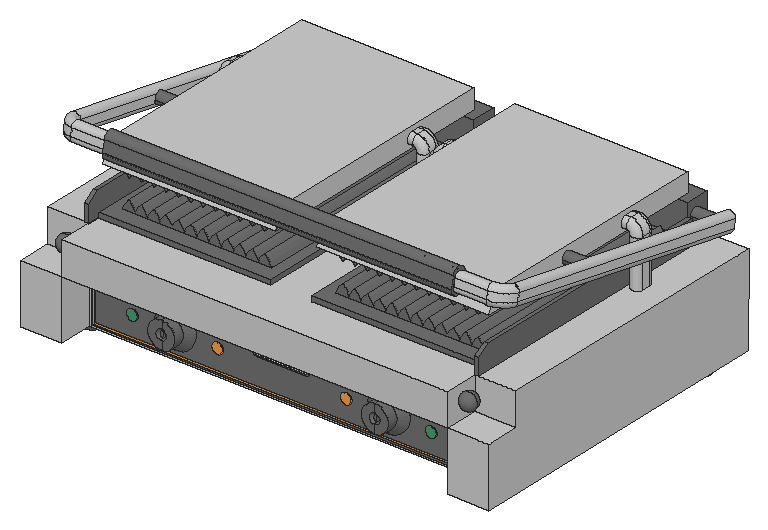
Revit family "QF_BLIZZARD_BRRCG2", category Specialty Equipment, Revit 2016
Family settings
  Part Type = Normal
  Round Connector Dimension = Use Diameter
  OmniClass Number = 23.40.40.14
  OmniClass Title = Food Service Equipment
  Work Plane-Based = No
  Always vertical = Yes
  Cut with Voids When Loaded = No
  Shared = No
  Room Calculation Point = No
Parameters (values of type "BRRCG2")
  URL = "www.blizzardequipment.com"
  Show Logo [instance] = yes
  Show Clearance [instance] = yes
  Model = "BRRCG2"
  Manufacturer = "BLIZZARD"
  Description = "3600W DOUBLE CONTACT GRILL TOP & BOTTOM RIBBED"
  Assembly Code = "E1090320"
Reference planes
  plane 1 "Back": y = 0
  plane 2: z = 0
  plane 3 "Left": x = 0
  plane 4 "Right": x = 570
  plane 5 "Front": y = -395
  plane 6 "Top": z = 210
Forms (mm)
  Extrusion 1, solid
    sketch origin (-257.5, -351.4, -34) x (1, 0, 0) y (0, 0, 1)
      loop
        line (315, 118.638) -> (315, 58.638) -> (770, 58.638) -> (770, 118.638) -> (315, 118.638)
      loop
        line (313, 120.638) -> (313, 56.638) -> (772, 56.638) -> (772, 120.638) -> (313, 120.638)
    from 0 to 2
  Blend 2, solid
    base sketch origin (80.349, 323.214, 0) x (-1, 0, 0) y (0, -1, 0)
      loop
        circle (50.349, 353.214) r 10
    top sketch origin (80.349, 323.214, 0) x (-1, 0, 0) y (0, -1, 0)
      loop
        circle (50.349, 353.214) r 20
    from 0 to 18.638
  Revolve 3, solid
    sketch origin (155, 241.8, -11.985) x (0, 1, 0) y (0, 0, 1)
      loop
        line (-595, 92) -> (-603.953, 83.047) -> (-615.72, 83.047) -> (-615.72, 73.047) -> (-613.494, 70.821) -> (-613.494, 66.623) -> (-595, 66.623) -> (-595, 92)
      axis (-595, 66.623) -> (-615.72, 66.623)
    angle from 0 to 360
  Extrusion 4, solid
    sketch origin (50.474, -352.473, 298.429) x (0, 0, -1) y (1, 0, 0)
      loop
        circle (248.792, 52.683) r 6.466
    from -0.205 to 1.127
  Extrusion 5, solid, visible <- "Show Logo"
    sketch origin (227.642, -351.6, -75.354) x (1, 0, 0) y (0, 0, 1)
      loop
        arc (22.13, 139.05) -> (23.822, 134.965) -> (27.907, 133.273) r 5.777
        line (27.907, 133.273) -> (86.809, 133.273)
        arc (86.809, 133.273) -> (90.894, 134.965) -> (92.585, 139.05) r 5.777
        line (92.585, 139.05) -> (92.585, 147.215)
        arc (92.585, 147.215) -> (90.894, 151.299) -> (86.809, 152.991) r 5.777
        line (86.809, 152.991) -> (27.907, 152.991)
        arc (27.907, 152.991) -> (23.822, 151.299) -> (22.13, 147.215) r 5.777
        line (22.13, 147.215) -> (22.13, 139.05)
    from 0 to 2
  Extrusion 6, solid, visible <- "Show Logo"
    sketch origin (227.642, -351.8, -70.345) x (1, 0, 0) y (0, 0, 1)
      loop
        line (30.3, 133.137) -> (36.162, 133.137)
        arc (36.162, 133.137) -> (39.122, 134.994) -> (38.048, 138.319) r 2.844
        arc (38.048, 138.319) -> (38.838, 141.267) -> (36.338, 143.017) r 2.66
        line (36.338, 143.017) -> (31.338, 143.017) -> (30.3, 133.137)
      loop
        line (33.066, 135.126) -> (35.993, 135.126)
        arc (35.993, 135.126) -> (36.943, 136.076) -> (35.993, 137.026) r 0.95
        line (35.993, 137.026) -> (33.066, 137.026) -> (33.066, 135.126)
      loop
        line (33.528, 139.285) -> (36.147, 139.285)
        arc (36.147, 139.285) -> (36.994, 140.133) -> (36.147, 140.98) r 0.847
        line (36.147, 140.98) -> (33.528, 140.98) -> (33.528, 139.285)
      loop
        line (40.306, 133.137) -> (42.874, 133.137) -> (43.912, 143.017) -> (41.344, 143.017) -> (40.306, 133.137)
      loop
        line (45.174, 140.98) -> (47.749, 140.98) -> (47.964, 143.017) -> (45.389, 143.017) -> (45.174, 140.98)
      loop
        line (45.104, 140.313) -> (44.35, 133.137) -> (46.671, 133.137) -> (47.425, 140.313) -> (45.104, 140.313)
      loop
        line (48.314, 138.359) -> (51.196, 138.359) -> (47.765, 134.548) -> (47.765, 133.137) -> (54.184, 133.137) -> (54.393, 135.126) -> (51.213, 135.126) -> (54.657, 138.952) -> (54.657, 140.313) -> (48.519, 140.313) -> (48.314, 138.359)
      loop
        line (55.213, 138.359) -> (58.095, 138.359) -> (54.664, 134.548) -> (54.664, 133.137) -> (61.084, 133.137) -> (61.293, 135.126) -> (58.112, 135.126) -> (61.557, 138.952) -> (61.557, 140.313) -> (55.419, 140.313) -> (55.213, 138.359)
      loop
        arc (64.816, 137.983) -> (65.785, 138.952) -> (66.753, 137.983) r 0.969
        line (66.753, 137.983) -> (64.711, 137.436)
        arc (64.711, 137.436) -> (62.642, 134.297) -> (66.342, 133.633) r 2.251
        line (66.342, 133.633) -> (66.77, 132.921) -> (69.168, 132.921) -> (68.641, 134.052) -> (69.084, 138.274)
        arc (69.084, 138.274) -> (65.782, 140.567) -> (62.514, 138.225) r 3.488
        line (62.514, 138.225) -> (64.816, 137.983)
      loop
        line (69.848, 133.137) -> (72.232, 133.137) -> (72.59, 136.546)
        arc (72.59, 136.546) -> (73.413, 137.974) -> (75.025, 138.32) r 2.029
        line (75.025, 138.32) -> (75.83, 140.313)
        arc (75.83, 140.313) -> (74.279, 140.541) -> (72.927, 139.749) r 2.362
        line (72.927, 139.749) -> (72.927, 140.627) -> (70.635, 140.627) -> (69.848, 133.137)
      loop
        line (82.596, 133.137) -> (83.635, 143.017) -> (81.373, 143.017) -> (81.031, 139.764)
        arc (81.031, 139.764) -> (75.402, 137.124) -> (80.359, 133.372) r 3.631
        line (80.359, 133.372) -> (82.596, 133.137)
      loop
        spline (78.956, 134.82) -> (79.32, 134.851) -> (79.675, 135.016) -> (79.994, 135.304) -> (80.258, 135.695) -> (80.446, 136.164) -> (80.548, 136.677) -> (80.555, 137.2) -> (80.468, 137.697) -> (80.292, 138.134) -> (80.039, 138.483) -> (79.727, 138.718) -> (79.376, 138.823)
        spline (79.376, 138.823) -> (79.011, 138.793) -> (78.657, 138.628) -> (78.338, 138.34) -> (78.074, 137.948) -> (77.886, 137.48) -> (77.784, 136.967) -> (77.777, 136.444) -> (77.864, 135.947) -> (78.04, 135.509) -> (78.293, 135.161) -> (78.605, 134.926) -> (78.956, 134.82)
      loop
        line (66.385, 136.28) -> (64.729, 135.958)
        arc (64.729, 135.958) -> (64.361, 135.233) -> (65.042, 134.788) r 0.609
        arc (65.042, 134.788) -> (66.068, 135.215) -> (66.385, 136.28) r 1.295
      loop
        line (85.459, 146.184) -> (29.578, 146.184)
        arc (29.578, 146.184) -> (25.494, 144.492) -> (23.802, 140.407) r 5.777
        line (23.802, 140.407) -> (23.802, 135.662)
        arc (23.802, 135.662) -> (25.494, 131.578) -> (29.578, 129.886) r 5.777
        line (29.578, 129.886) -> (85.459, 129.886)
        arc (85.459, 129.886) -> (89.544, 131.578) -> (91.236, 135.662) r 5.777
        line (91.236, 135.662) -> (91.236, 140.407)
        arc (91.236, 140.407) -> (89.544, 144.492) -> (85.459, 146.184) r 5.777
      loop
        line (85.459, 145.184) -> (29.578, 145.184)
        arc (29.578, 145.184) -> (26.201, 143.785) -> (24.802, 140.407) r 4.777
        line (24.802, 140.407) -> (24.802, 135.662)
        arc (24.802, 135.662) -> (26.201, 132.285) -> (29.578, 130.886) r 4.777
        line (29.578, 130.886) -> (85.459, 130.886)
        arc (85.459, 130.886) -> (88.837, 132.285) -> (90.236, 135.662) r 4.777
        line (90.236, 135.662) -> (90.236, 140.407)
        arc (90.236, 140.407) -> (88.837, 143.785) -> (85.459, 145.184) r 4.777
    from 0 to 2
  Extrusion 7, solid
    sketch origin (154.16, -352.473, 298.429) x (0, 0, -1) y (1, 0, 0)
      loop
        circle (248.792, 52.683) r 6.466
    from -0.205 to 1.127
  Extrusion 8, solid
    sketch origin (0, 0, 18.638) x (0, 1, 0) y (0, 0, 1)
      loop
        line (0, 112) -> (-353, 112) -> (-353, 72) -> (-395, 72) -> (-395, 0) -> (0, 0) -> (0, 112)
    from 0 to 50
  Extrusion 9, solid
    sketch origin (520, 0, 18.638) x (0, 1, 0) y (0, 0, 1)
      loop
        line (0, 112) -> (-353, 112) -> (-353, 72) -> (-395, 72) -> (-395, 0) -> (0, 0) -> (0, 112)
    from 0 to 50
  Extrusion 10, solid
    sketch origin (0, 0, -79.362) x (0, 1, 0) y (0, 0, 1)
      loop
        line (0, 210) -> (-395, 210) -> (-395, 170) -> (0, 170) -> (0, 210)
    from 50 to 520
  Extrusion 11, solid
    sketch origin (0, 0, 18.638) x (1, 0, 0) y (0, 0, 1)
      loop
        line (50, 72) -> (50, 0) -> (520, 0) -> (520, 72) -> (50, 72)
    from 0 to 353
  Extrusion 12, solid
    sketch origin (-257.5, -351.2, -34) x (1, 0, 0) y (0, 0, 1)
      loop
        line (311, 122.638) -> (311, 54.638) -> (774, 54.638) -> (774, 122.638) -> (311, 122.638)
    from 0 to 2
  Extrusion 13, solid
    sketch origin (45, 0, 0) x (0, 1, 0) y (0, 0, 1)
      loop
        line (-29.799, 130.638) -> (-29.799, 160.638) -> (-339.011, 160.638) -> (-353, 150.638) -> (-353, 130.638) -> (-29.799, 130.638)
    from 0 to 5
  Extrusion 14, solid
    sketch origin (520, 0, 0) x (0, 1, 0) y (0, 0, 1)
      loop
        line (-29.799, 130.638) -> (-29.799, 160.638) -> (-339.011, 160.638) -> (-353, 150.638) -> (-353, 130.638) -> (-29.799, 130.638)
    from 0 to 5
  Extrusion 15, solid
    sketch origin (0, 0, 0) x (1, 0, 0) y (0, 1, 0)
      loop
        line (50, 0) -> (50, -339.011) -> (260, -339.011) -> (260, 0) -> (50, 0)
    from 130.638 to 136.638
  Extrusion 16, solid
    sketch origin (0, 0, 0) x (1, 0, 0) y (0, 0, 1)
      loop
        line (64.445, 136.638) -> (245.555, 136.638)
        arc (245.555, 136.638) -> (242.349, 143.424) -> (237.5, 149.152) r 28.813
        arc (237.5, 149.152) -> (233.111, 144.117) -> (230, 138.208) r 28.813
        arc (230, 138.208) -> (226.889, 144.117) -> (222.5, 149.152) r 28.813
        arc (222.5, 149.152) -> (218.111, 144.117) -> (215, 138.208) r 28.813
        arc (215, 138.208) -> (211.889, 144.117) -> (207.5, 149.152) r 28.813
        arc (207.5, 149.152) -> (203.111, 144.117) -> (200, 138.208) r 28.813
        arc (200, 138.208) -> (196.889, 144.117) -> (192.5, 149.152) r 28.813
        arc (192.5, 149.152) -> (188.111, 144.117) -> (185, 138.208) r 28.813
        arc (185, 138.208) -> (181.889, 144.117) -> (177.5, 149.152) r 28.813
        arc (177.5, 149.152) -> (173.111, 144.117) -> (170, 138.208) r 28.813
        arc (170, 138.208) -> (166.889, 144.117) -> (162.5, 149.152) r 28.813
        arc (162.5, 149.152) -> (158.111, 144.117) -> (155, 138.208) r 28.813
        arc (155, 138.208) -> (151.889, 144.117) -> (147.5, 149.152) r 28.813
        arc (147.5, 149.152) -> (143.111, 144.117) -> (140, 138.208) r 28.813
        arc (140, 138.208) -> (136.889, 144.117) -> (132.5, 149.152) r 28.813
        arc (132.5, 149.152) -> (128.111, 144.117) -> (125, 138.208) r 28.813
        arc (125, 138.208) -> (121.889, 144.117) -> (117.5, 149.152) r 28.813
        arc (117.5, 149.152) -> (113.111, 144.117) -> (110, 138.208) r 28.813
        arc (110, 138.208) -> (106.889, 144.117) -> (102.5, 149.152) r 28.813
        arc (102.5, 149.152) -> (98.111, 144.117) -> (95, 138.208) r 28.813
        arc (95, 138.208) -> (91.889, 144.117) -> (87.5, 149.152) r 28.813
        arc (87.5, 149.152) -> (83.111, 144.117) -> (80, 138.208) r 28.813
        arc (80, 138.208) -> (76.889, 144.117) -> (72.5, 149.152) r 28.813
        arc (72.5, 149.152) -> (67.651, 143.424) -> (64.445, 136.638) r 28.813
    from 44.375 to 320
  Extrusion 17, solid
    sketch origin (0, 0, 334.638) x (0, 1, 0) y (0, 0, 1)
      loop
        line (-29.799, -124.638) -> (-318.953, -124.638) -> (-332.038, -148.123) -> (-29.799, -148.123) -> (-29.799, -124.638)
    from 50 to 260
  Extrusion 18, solid
    sketch origin (0, 0, 323.152) x (1, 0, 0) y (0, 0, 1)
      loop
        arc (64.445, -136.638) -> (67.651, -143.424) -> (72.5, -149.152) r 28.813
        arc (72.5, -149.152) -> (76.889, -144.117) -> (80, -138.208) r 28.813
        arc (80, -138.208) -> (83.111, -144.117) -> (87.5, -149.152) r 28.813
        arc (87.5, -149.152) -> (91.889, -144.117) -> (95, -138.208) r 28.813
        arc (95, -138.208) -> (98.111, -144.117) -> (102.5, -149.152) r 28.813
        arc (102.5, -149.152) -> (106.889, -144.117) -> (110, -138.208) r 28.813
        arc (110, -138.208) -> (113.111, -144.117) -> (117.5, -149.152) r 28.813
        arc (117.5, -149.152) -> (121.889, -144.117) -> (125, -138.208) r 28.813
        arc (125, -138.208) -> (128.111, -144.117) -> (132.5, -149.152) r 28.813
        arc (132.5, -149.152) -> (136.889, -144.117) -> (140, -138.208) r 28.813
        arc (140, -138.208) -> (143.111, -144.117) -> (147.5, -149.152) r 28.813
        arc (147.5, -149.152) -> (151.889, -144.117) -> (155, -138.208) r 28.813
        arc (155, -138.208) -> (158.111, -144.117) -> (162.5, -149.152) r 28.813
        arc (162.5, -149.152) -> (166.889, -144.117) -> (170, -138.208) r 28.813
        arc (170, -138.208) -> (173.111, -144.117) -> (177.5, -149.152) r 28.813
        arc (177.5, -149.152) -> (181.889, -144.117) -> (185, -138.208) r 28.813
        arc (185, -138.208) -> (188.111, -144.117) -> (192.5, -149.152) r 28.813
        arc (192.5, -149.152) -> (196.889, -144.117) -> (200, -138.208) r 28.813
        arc (200, -138.208) -> (203.111, -144.117) -> (207.5, -149.152) r 28.813
        arc (207.5, -149.152) -> (211.889, -144.117) -> (215, -138.208) r 28.813
        arc (215, -138.208) -> (218.111, -144.117) -> (222.5, -149.152) r 28.813
        arc (222.5, -149.152) -> (226.889, -144.117) -> (230, -138.208) r 28.813
        arc (230, -138.208) -> (233.111, -144.117) -> (237.5, -149.152) r 28.813
        arc (237.5, -149.152) -> (242.349, -143.424) -> (245.555, -136.638) r 28.813
        line (245.555, -136.638) -> (64.445, -136.638)
    from 44.375 to 320
  Extrusion 19, solid
    sketch origin (-7.718, 0, 0) x (0, 1, 0) y (0, 0, 1)
      loop
        line (0, 175.551) -> (-29.799, 175.551) -> (-29.799, 136.638) -> (0, 136.638) -> (0, 175.551)
    from 57.718 to 267.718
  Sweep 20, solid
    path origin (0, 6.142, 154.657) x (1, 0, 0) y (0, 0.981627, -0.190809)
      loop
        line (17.517, -14.374) -> (17.517, -348.847)
        arc (17.517, -348.847) -> (22.864, -358.499) -> (32.517, -363.847) r 20
        line (32.517, -363.847) -> (537.483, -363.847)
        arc (537.483, -363.847) -> (547.136, -358.499) -> (552.483, -348.847) r 20
        line (552.483, -348.847) -> (552.483, -14.374)
    profile origin (17.517, -172.132, 189.31) x (1, 0, 0) y (0, 0.190809, 0.981627)
      loop
        line (6.764, -4.744) -> (6.764, 4.744)
        arc (6.764, 4.744) -> (0, 11.508) -> (-6.764, 4.744) r 6.764
        line (-6.764, 4.744) -> (-6.764, -4.744)
        arc (-6.764, -4.744) -> (0, -11.508) -> (6.764, -4.744) r 6.764
  Extrusion 21, solid
    sketch origin (0, 0, 0) x (0, 1, 0) y (0, 0, 1)
      loop
        circle (-19.343, 160.127) r 7.212
    from 24.281 to 50
  Extrusion 22, solid
    sketch origin (475.719, 0, 0) x (0, 1, 0) y (0, 0, 1)
      loop
        circle (-19.343, 160.127) r 7.212
    from 44.281 to 70
  Extrusion 23, solid
    sketch origin (0, -195, 38.131) x (0, 1, 0) y (0, 0, 1)
      loop
        circle (-19.343, 160.127) r 7.212
    from 24.281 to 50
  Extrusion 24, solid
    sketch origin (570, -195, 38.131) x (0, 1, 0) y (0, 0, -1)
      loop
        circle (-19.343, -160.127) r 7.212
    from 24.281 to 50
  Extrusion 25, solid
    sketch origin (0, 0, 0) x (0, 1, 0) y (0, 0, 1)
      loop
        line (-343.703, 215.79) -> (-341.129, 229.03)
        arc (-341.129, 229.03) -> (-348.061, 239.306) -> (-358.336, 232.374) r 8.764
        line (-358.336, 232.374) -> (-360.91, 219.134)
        arc (-360.91, 219.134) -> (-353.979, 208.859) -> (-343.703, 215.79) r 8.764
    from 73.081 to 497.644
  Revolve 26, solid
    sketch origin (14.462, -375, -2.309) x (1, 0, 0) y (0, 0, 1)
      loop
        line (25.427, 107.419) -> (25.427, 127.419)
        arc (25.427, 127.419) -> (15.427, 117.419) -> (25.427, 107.419) r 10
      axis (25.427, 107.419) -> (25.427, 127.419)
    angle from 0 to 360
  Revolve 27, solid
    sketch origin (555.538, -375, -2.309) x (-1, 0, 0) y (0, 0, -1)
      loop
        arc (25.427, -107.419) -> (15.427, -117.419) -> (25.427, -127.419) r 10
        line (25.427, -127.419) -> (25.427, -107.419)
      axis (25.427, -107.419) -> (25.427, -127.419)
    angle from 0 to 360
  Sweep 28, solid
    path origin (0, -120, 0) x (1, 0, 0) y (0, 0, 1)
      loop
        line (35, 130.638) -> (35, 188.257)
        arc (35, 188.257) -> (36.995, 194.573) -> (42.5, 198.257) r 10
        line (42.5, 198.257) -> (50, 198.257)
    profile origin (35, -120, 159.447) x (-1, 0, 0) y (0, -1, 0)
      loop
        line (6.815, -5) -> (6.815, 5)
        arc (6.815, 5) -> (0, 11.815) -> (-6.815, 5) r 6.815
        line (-6.815, 5) -> (-6.815, -5)
        arc (-6.815, -5) -> (0, -11.815) -> (6.815, -5) r 6.815
  Sweep 29, solid
    path origin (310, -120, 0) x (-1, 0, 0) y (0, 0, -1)
      loop
        line (35, -130.638) -> (35, -188.257)
        arc (35, -188.257) -> (36.995, -194.573) -> (42.5, -198.257) r 10
        line (42.5, -198.257) -> (50, -198.257)
    profile origin (275, -120, 159.447) x (-1, 0, 0) y (0, -1, 0)
      loop
        arc (-6.815, -5) -> (0, -11.815) -> (6.815, -5) r 6.815
        line (6.815, -5) -> (6.815, 5)
        arc (6.815, 5) -> (0, 11.815) -> (-6.815, 5) r 6.815
        line (-6.815, 5) -> (-6.815, -5)
  Blend 30, solid
    base sketch origin (489.651, 323.214, 0) x (1, 0, 0) y (0, 1, 0)
      loop
        circle (50.349, -353.214) r 10
    top sketch origin (489.651, 323.214, 0) x (1, 0, 0) y (0, 1, 0)
      loop
        circle (50.349, -353.214) r 20
    from 0 to 18.638
  Blend 31, solid
    base sketch origin (489.651, -676.214, 0) x (1, 0, 0) y (0, 1, 0)
      loop
        circle (50.349, 353.214) r 10
    top sketch origin (489.651, -676.214, 0) x (1, 0, 0) y (0, 1, 0)
      loop
        circle (50.349, 353.214) r 20
    from 0 to 18.638
  Blend 32, solid
    base sketch origin (80.349, -676.214, 0) x (-1, 0, 0) y (0, -1, 0)
      loop
        circle (50.349, -353.214) r 10
    top sketch origin (80.349, -676.214, 0) x (-1, 0, 0) y (0, -1, 0)
      loop
        circle (50.349, -353.214) r 20
    from 0 to 18.638
  Extrusion 33, solid
    sketch origin (570, 0, 0) x (-1, 0, 0) y (0, -1, 0)
      loop
        line (50, 0) -> (260, 0) -> (260, 339.011) -> (50, 339.011) -> (50, 0)
    from 130.638 to 136.638
  Extrusion 34, solid
    sketch origin (570, 0, 0) x (-1, 0, 0) y (0, 0, -1)
      loop
        arc (64.445, -136.638) -> (67.651, -143.424) -> (72.5, -149.152) r 28.813
        arc (72.5, -149.152) -> (76.889, -144.117) -> (80, -138.208) r 28.813
        arc (80, -138.208) -> (83.111, -144.117) -> (87.5, -149.152) r 28.813
        arc (87.5, -149.152) -> (91.889, -144.117) -> (95, -138.208) r 28.813
        arc (95, -138.208) -> (98.111, -144.117) -> (102.5, -149.152) r 28.813
        arc (102.5, -149.152) -> (106.889, -144.117) -> (110, -138.208) r 28.813
        arc (110, -138.208) -> (113.111, -144.117) -> (117.5, -149.152) r 28.813
        arc (117.5, -149.152) -> (121.889, -144.117) -> (125, -138.208) r 28.813
        arc (125, -138.208) -> (128.111, -144.117) -> (132.5, -149.152) r 28.813
        arc (132.5, -149.152) -> (136.889, -144.117) -> (140, -138.208) r 28.813
        arc (140, -138.208) -> (143.111, -144.117) -> (147.5, -149.152) r 28.813
        arc (147.5, -149.152) -> (151.889, -144.117) -> (155, -138.208) r 28.813
        arc (155, -138.208) -> (158.111, -144.117) -> (162.5, -149.152) r 28.813
        arc (162.5, -149.152) -> (166.889, -144.117) -> (170, -138.208) r 28.813
        arc (170, -138.208) -> (173.111, -144.117) -> (177.5, -149.152) r 28.813
        arc (177.5, -149.152) -> (181.889, -144.117) -> (185, -138.208) r 28.813
        arc (185, -138.208) -> (188.111, -144.117) -> (192.5, -149.152) r 28.813
        arc (192.5, -149.152) -> (196.889, -144.117) -> (200, -138.208) r 28.813
        arc (200, -138.208) -> (203.111, -144.117) -> (207.5, -149.152) r 28.813
        arc (207.5, -149.152) -> (211.889, -144.117) -> (215, -138.208) r 28.813
        arc (215, -138.208) -> (218.111, -144.117) -> (222.5, -149.152) r 28.813
        arc (222.5, -149.152) -> (226.889, -144.117) -> (230, -138.208) r 28.813
        arc (230, -138.208) -> (233.111, -144.117) -> (237.5, -149.152) r 28.813
        arc (237.5, -149.152) -> (242.349, -143.424) -> (245.555, -136.638) r 28.813
        line (245.555, -136.638) -> (64.445, -136.638)
    from 44.375 to 320
  Extrusion 35, solid
    sketch origin (570, 0, 334.638) x (0, 1, 0) y (0, 0, -1)
      loop
        line (-29.799, 124.638) -> (-29.799, 148.123) -> (-332.038, 148.123) -> (-318.953, 124.638) -> (-29.799, 124.638)
    from 50 to 260
  Extrusion 36, solid
    sketch origin (570, 0, 323.152) x (-1, 0, 0) y (0, 0, -1)
      loop
        line (64.445, 136.638) -> (245.555, 136.638)
        arc (245.555, 136.638) -> (242.349, 143.424) -> (237.5, 149.152) r 28.813
        arc (237.5, 149.152) -> (233.111, 144.117) -> (230, 138.208) r 28.813
        arc (230, 138.208) -> (226.889, 144.117) -> (222.5, 149.152) r 28.813
        arc (222.5, 149.152) -> (218.111, 144.117) -> (215, 138.208) r 28.813
        arc (215, 138.208) -> (211.889, 144.117) -> (207.5, 149.152) r 28.813
        arc (207.5, 149.152) -> (203.111, 144.117) -> (200, 138.208) r 28.813
        arc (200, 138.208) -> (196.889, 144.117) -> (192.5, 149.152) r 28.813
        arc (192.5, 149.152) -> (188.111, 144.117) -> (185, 138.208) r 28.813
        arc (185, 138.208) -> (181.889, 144.117) -> (177.5, 149.152) r 28.813
        arc (177.5, 149.152) -> (173.111, 144.117) -> (170, 138.208) r 28.813
        arc (170, 138.208) -> (166.889, 144.117) -> (162.5, 149.152) r 28.813
        arc (162.5, 149.152) -> (158.111, 144.117) -> (155, 138.208) r 28.813
        arc (155, 138.208) -> (151.889, 144.117) -> (147.5, 149.152) r 28.813
        arc (147.5, 149.152) -> (143.111, 144.117) -> (140, 138.208) r 28.813
        arc (140, 138.208) -> (136.889, 144.117) -> (132.5, 149.152) r 28.813
        arc (132.5, 149.152) -> (128.111, 144.117) -> (125, 138.208) r 28.813
        arc (125, 138.208) -> (121.889, 144.117) -> (117.5, 149.152) r 28.813
        arc (117.5, 149.152) -> (113.111, 144.117) -> (110, 138.208) r 28.813
        arc (110, 138.208) -> (106.889, 144.117) -> (102.5, 149.152) r 28.813
        arc (102.5, 149.152) -> (98.111, 144.117) -> (95, 138.208) r 28.813
        arc (95, 138.208) -> (91.889, 144.117) -> (87.5, 149.152) r 28.813
        arc (87.5, 149.152) -> (83.111, 144.117) -> (80, 138.208) r 28.813
        arc (80, 138.208) -> (76.889, 144.117) -> (72.5, 149.152) r 28.813
        arc (72.5, 149.152) -> (67.651, 143.424) -> (64.445, 136.638) r 28.813
    from 44.375 to 320
  Extrusion 37, solid
    sketch origin (577.718, 0, 0) x (0, 1, 0) y (0, 0, -1)
      loop
        line (0, -175.551) -> (0, -136.638) -> (-29.799, -136.638) -> (-29.799, -175.551) -> (0, -175.551)
    from 57.718 to 267.718
  Sweep 38, solid
    path origin (260, -120, 0) x (1, 0, 0) y (0, 0, 1)
      loop
        line (35, 130.638) -> (35, 188.257)
        arc (35, 188.257) -> (36.995, 194.573) -> (42.5, 198.257) r 10
        line (42.5, 198.257) -> (50, 198.257)
    profile origin (295, -120, 159.447) x (-1, 0, 0) y (0, -1, 0)
      loop
        line (6.815, -5) -> (6.815, 5)
        arc (6.815, 5) -> (0, 11.815) -> (-6.815, 5) r 6.815
        line (-6.815, 5) -> (-6.815, -5)
        arc (-6.815, -5) -> (0, -11.815) -> (6.815, -5) r 6.815
  Sweep 39, solid
    path origin (570, -120, 0) x (-1, 0, 0) y (0, 0, -1)
      loop
        line (35, -130.638) -> (35, -188.257)
        arc (35, -188.257) -> (36.995, -194.573) -> (42.5, -198.257) r 10
        line (42.5, -198.257) -> (50, -198.257)
    profile origin (535, -120, 159.447) x (-1, 0, 0) y (0, -1, 0)
      loop
        arc (-6.815, -5) -> (0, -11.815) -> (6.815, -5) r 6.815
        line (6.815, -5) -> (6.815, 5)
        arc (6.815, 5) -> (0, 11.815) -> (-6.815, 5) r 6.815
        line (-6.815, 5) -> (-6.815, -5)
  Revolve 40, solid
    sketch origin (415, 241.8, -11.985) x (0, 1, 0) y (0, 0, -1)
      loop
        line (-595, -92) -> (-595, -66.623) -> (-613.494, -66.623) -> (-613.494, -70.821) -> (-615.72, -73.047) -> (-615.72, -83.047) -> (-603.953, -83.047) -> (-595, -92)
      axis (-595, -66.623) -> (-615.72, -66.623)
    angle from 0 to 360
  Extrusion 41, solid
    sketch origin (519.526, -352.473, 298.429) x (0, 0, -1) y (1, 0, 0)
      loop
        circle (248.792, -52.683) r 6.466
    from -0.205 to 1.127
  Extrusion 42, solid
    sketch origin (415.84, -352.473, 298.429) x (0, 0, -1) y (1, 0, 0)
      loop
        circle (248.792, -52.683) r 6.466
    from -0.205 to 1.127
Lines and regions (mm)
  reference lines
    curve 1: line (0, -183.475, 1485) -> (0, -697.791, 1021.908)
  symbolic lines, style "200-EquipBorder-2D"
    curve 2: line (0, 0, 0) -> (570, 0, 0)
    curve 3: line (0, -395, 0) -> (0, 0, 0)
    curve 4: line (570, -395, 0) -> (0, -395, 0)
    curve 5: line (570, 0, 0) -> (570, -395, 0)
  symbolic lines, style "200-EquipInternal-2D"
    curve 6: line (45, -29.799, 0) -> (525, -29.799, 0)
    curve 7: line (45, -339.011, 0) -> (45, -29.799, 0)
    curve 8: line (525, -29.799, 0) -> (525, -339.011, 0)
    curve 9: line (10.752, -8.873, 0) -> (10.752, -337.516, 0)
    curve 10: line (24.204, -8.873, 0) -> (24.204, -334.569, 0)
    curve 11: line (33.081, -343.446, 0) -> (73.081, -343.446, 0)
    curve 12: line (73.081, -343.446, 0) -> (73.081, -340.946, 0)
    curve 13: arc (33.081, -343.446, 0) -> (27.725, -339.924, 0) -> (24.204, -334.569, 0) r 15.838
    curve 14: line (237.644, -343.446, 0) -> (237.644, -340.946, 0)
    curve 15: line (237.644, -340.946, 0) -> (73.081, -340.946, 0)
    curve 16: line (73.081, -358.594, 0) -> (73.081, -361.094, 0)
    curve 17: line (237.644, -358.594, 0) -> (237.644, -361.094, 0)
    curve 18: line (237.644, -361.094, 0) -> (73.081, -361.094, 0)
    curve 19: line (73.081, -358.594, 0) -> (31.83, -358.594, 0)
    curve 20: arc (31.83, -358.594, 0) -> (16.926, -352.42, 0) -> (10.752, -337.516, 0) r 21.078
    curve 21: line (45, -339.011, 0) -> (525, -339.011, 0)
    curve 22: line (537.644, -343.446, 0) -> (237.644, -343.446, 0)
    curve 23: arc (537.644, -343.446, 0) -> (543, -339.924, 0) -> (546.521, -334.569, 0) r 15.838
    curve 24: line (237.644, -358.594, 0) -> (538.895, -358.594, 0)
    curve 25: arc (538.895, -358.594, 0) -> (553.799, -352.42, 0) -> (559.973, -337.516, 0) r 21.078
    curve 26: line (559.973, -9.741, 0) -> (559.973, -337.516, 0)
    curve 27: line (546.521, -9.741, 0) -> (546.521, -334.569, 0)
    curve 28: line (10.752, -8.873, 0) -> (24.204, -8.873, 0)
    curve 29: line (546.521, -9.741, 0) -> (559.973, -9.741, 0)
    curve 30: line (73.081, -358.594, 0) -> (73.081, -343.446, 0)
    curve 31: line (237.644, -358.594, 0) -> (237.644, -343.446, 0)
    curve 32: line (45, -207.13, 0) -> (24.204, -207.13, 0)
    curve 33: line (45, -221.555, 0) -> (24.204, -221.555, 0)
    curve 34: line (525, -207.13, 0) -> (546.521, -207.13, 0)
    curve 35: line (525, -221.555, 0) -> (546.521, -221.555, 0)
Dimensions and locks
  plane 3 "Left" to plane 4 "Right" = 570 mm
  plane 5 "Front" to plane 1 "Back" = 395 mm
  plane 1 "Back" to plane 5 "Front" = 395 mm
  plane 4 "Right" to plane 3 "Left" = 570 mm
  plane 6 "Top" to level = 210 mm  (x2)
  aligned and locked: level to plane 2
